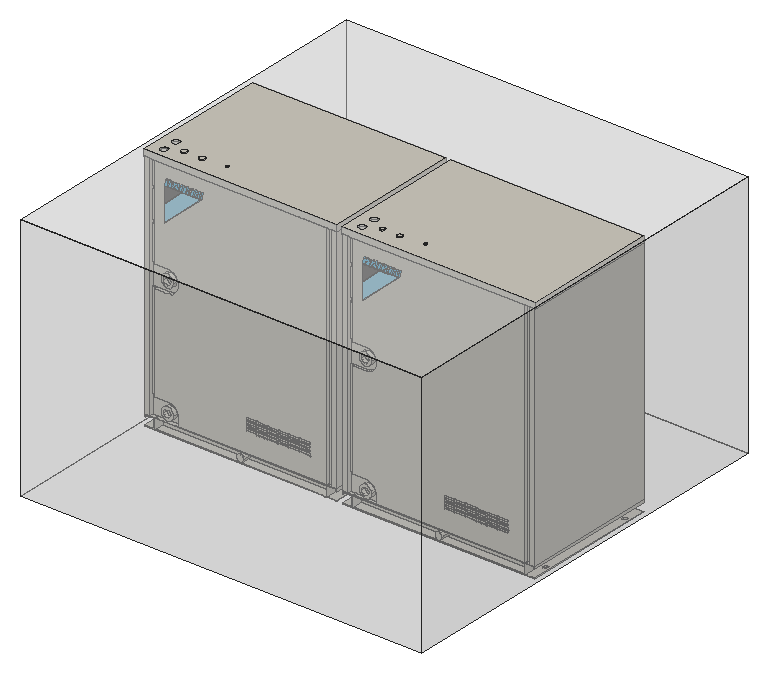
Revit family "outputfile", category 機械設備, Revit 2024 (continued)
Definition of nested family "DAIKIN_outdoorunit_RWEYQ-TY1S"
  Definition of nested family "outdoorunit_downpanel"
    Reference planes
      plane 4 "Back": y = 10
      plane 5 "Front": y = -10
      plane 6: x = 736
      plane 7 "Top": z = 510
      plane 8 "Left": x = 0
      plane 9: z = 255
      plane 10: y = -18
      plane 11: y = 6
      plane 12: y = 8
      plane 13: x = 368
    Forms (mm)
      Extrusion 1, solid, material <- "material"
        sketch origin (0, 0, 0) x (1, 0, 0) y (0, 1, 0)
          loop
            line (0, 10) -> (0, -10) -> (736, -10) -> (736, 10) -> (0, 10)
        from 0 to 510
    Dimensions and locks
      equal spacing: plane 4 "Back", plane 1 "Center (Front/Back)", plane 5 "Front"
      "depth": plane 4 "Back" to plane 5 "Front"
      "width": plane 8 "Left" to plane 6
      "height1": plane 7 "Top" to plane 2 "Bottom"
      plane 4 "Back" to plane 11 = 4.0 mm
      plane 4 "Back" to plane 12 = 2.0 mm
      equal spacing: plane 8 "Left", plane 13, plane 6
      equal spacing: plane 7 "Top", plane 9, plane 2 "Bottom"
      aligned and locked: level to plane 2 "Bottom"
      aligned and locked: plane 8 "Left" to Extrusion 1 sketch curve
      aligned and locked: Extrusion 1 sketch curve to plane 4 "Back"
      aligned and locked: plane 5 "Front" to Extrusion 1 sketch curve
      aligned and locked: Extrusion 1 to plane 2 "Bottom"
      aligned and locked: plane 7 "Top" to Extrusion 1
      aligned and locked: plane 3 to plane 8 "Left"
    Automatic sketch dimensions
      Extrusion 1 sketch curve to plane 6 = 0.0 mm
  Definition of nested family "daikin_mountinghole"
    Parameters (values of type "daikin_mountinghole")
      Default Elevation = 1219.2 mm
      Type Comments = "mountinghole"
      show [instance] = yes
      material = none
      l_centerline = 100.0 mm
      l_antenna [instance] = 100.0 mm
      h_mountinghole [instance] = 0.0 mm
      d_circle = 30.0 mm
      Link_Nested Family [instance] = ""
    Reference planes
      plane 1 "Center (Front/Back)": y = 0
      plane 2: z = 0
      plane 3 "Center (Left/Right)": x = 0
      plane 4: y = 50
      plane 5: x = -50
      plane 6: x = 50
      plane 7: y = -50
      plane 8 "h_mountinghole": z = 0
      plane 9: z = 100
    Lines and regions (mm)
      model lines, detail levels fine
        curve 1: circle (0, 0, 0) r 15 normal (0, 0, 1)
        curve 2: line (-50, 0, 0) -> (50, 0, 0)
        curve 3: line (0, 50, 0) -> (0, -50, 0)
      symbolic lines, detail levels fine
        curve 4: circle (0, 0, 0) r 15 normal (0, 0, 1)
        curve 5: line (-50, 0, 0) -> (50, 0, 0)
        curve 6: line (0, 50, 0) -> (0, -50, 0)
      model lines
        curve 7: line (0, 0, 100) -> (0, 0, 0)
    Dimensions and locks
      equal spacing: plane 4, plane 1 "Center (Front/Back)", plane 7
      "l_centerline": plane 4 to plane 7
      equal spacing: plane 5, plane 3 "Center (Left/Right)", plane 6
      "l_centerline": plane 5 to plane 6
      "l_antenna": plane 9 to plane 8 "h_mountinghole"
      "h_mountinghole": plane 8 "h_mountinghole" to plane 2
      "d_circle": diameter of curve 1
      "d_circle": diameter of curve 4
      aligned and locked: level to plane 2
      aligned and locked: plane 1 "Center (Front/Back)" to curve 1
      aligned and locked: plane 3 "Center (Left/Right)" to curve 1
      aligned and locked: plane 1 "Center (Front/Back)" to curve 2
      aligned and locked: curve 3 to plane 3 "Center (Left/Right)"
      aligned and locked: plane 6 to curve 2
      aligned and locked: plane 5 to curve 2
      aligned and locked: plane 4 to curve 3
      aligned and locked: plane 7 to curve 3
      aligned and locked: plane 1 "Center (Front/Back)" to curve 4
      aligned and locked: plane 3 "Center (Left/Right)" to curve 4
      aligned and locked: plane 6 to curve 5
      aligned and locked: plane 5 to curve 5
      aligned and locked: plane 1 "Center (Front/Back)" to curve 5
      aligned and locked: plane 4 to curve 6
      aligned and locked: plane 7 to curve 6
      aligned and locked: curve 6 to plane 3 "Center (Left/Right)"
      aligned and locked: curve 7 to plane 3 "Center (Left/Right)"
      aligned and locked: plane 9 to curve 7
      aligned and locked: plane 8 "h_mountinghole" to curve 7
Definition of nested family "daikin_clearancespace"
  Parameters (values of type "daikin_clearancespace")
    Description = "daikin_clearancespace"
    width [instance] = 1823.963 mm
    show [instance] = yes
    material = none
    height [instance] = 1359.762 mm
    depth [instance] = 880.0 mm
    Default Elevation = 0.0 mm
    Link_Nested Family [instance] = ""
  Reference planes
    plane 1 "Center (Front/Back)": y = 0
    plane 2 "Center (Elevation)": z = -0.119
    plane 3 "Center (Left/Right)": x = 0
    plane 4: y = 440
    plane 5: y = -440
    plane 6 "Right": x = 911.982
    plane 7 "Left": x = -911.982
    plane 8 "Top": z = 679.762
    plane 9 "Bottom": z = -680
  Forms (mm)
    Extrusion 1, solid, material <- "material", visible <- "show"
      sketch origin (0, 0, 0) x (1, 0, 0) y (0, 1, 0)
        loop
          line (-911.982, 440) -> (-911.982, -440) -> (911.982, -440) -> (911.982, 440) -> (-911.982, 440)
      from -680 to 679.762
  Lines and regions (mm)
    symbolic lines, visible <- "show"
      curve 1: line (911.982, 440, 0) -> (-911.982, 440, 0)
      curve 2: line (-911.982, 440, 0) -> (-911.982, -440, 0)
      curve 3: line (-911.982, -440, 0) -> (911.982, -440, 0)
      curve 4: line (911.982, -440, 0) -> (911.982, 440, 0)
      curve 5: line (911.982, 0, 679.762) -> (-911.982, 0, 679.762)
      curve 6: line (911.982, 0, -680) -> (911.982, 0, 679.762)
      curve 7: line (-911.982, 0, -680) -> (911.982, 0, -680)
      curve 8: line (-911.982, 0, 679.762) -> (-911.982, 0, -680)
      curve 9: line (0, 440, 679.762) -> (0, -440, 679.762)
      curve 10: line (0, -440, 679.762) -> (0, -440, -680)
      curve 11: line (0, 440, -680) -> (0, 440, 679.762)
      curve 12: line (0, -440, -680) -> (0, 440, -680)
  Dimensions and locks
    "width": plane 7 "Left" to plane 6 "Right"
    "depth": plane 4 to plane 5
    "height": plane 8 "Top" to plane 9 "Bottom"
    equal spacing: plane 7 "Left", plane 3 "Center (Left/Right)", plane 6 "Right"
    equal spacing: plane 4, plane 1 "Center (Front/Back)", plane 5
    equal spacing: plane 8 "Top", plane 2 "Center (Elevation)", plane 9 "Bottom"
    aligned and locked: level to plane 2 "Center (Elevation)"
    aligned and locked: Extrusion 1 sketch curve to plane 4
    aligned and locked: plane 7 "Left" to Extrusion 1 sketch curve
    aligned and locked: Extrusion 1 sketch curve to plane 5
    aligned and locked: Extrusion 1 sketch curve to plane 6 "Right"
    aligned and locked: plane 8 "Top" to Extrusion 1
    aligned and locked: curve 1 to Extrusion 1
    aligned and locked: curve 2 to Extrusion 1
    aligned and locked: curve 3 to Extrusion 1
    aligned and locked: curve 4 to Extrusion 1
    aligned and locked: curve 5 to Extrusion 1
    aligned and locked: curve 6 to Extrusion 1
    aligned and locked: curve 7 to Extrusion 1
    aligned and locked: curve 8 to Extrusion 1
    aligned and locked: curve 9 to Extrusion 1
    aligned and locked: curve 10 to Extrusion 1
    aligned and locked: curve 11 to Extrusion 1
    aligned and locked: curve 12 to Extrusion 1
    aligned and locked: Extrusion 1 to plane 9 "Bottom"
Definition of nested family "daikin_logo_elevation_w150"
  Parameters (values of type "daikin_logo_elevation_w150")
    width = 150.0 mm
    show_logo [instance] = yes
    material = none
    height = 180.0 mm
    depth = 5.0 mm
    Default Elevation = 0.0 mm
  Reference planes
    plane 1 "Center (Front/Back)": y = 0
    plane 2: z = 0
    plane 3 "Center (Left/Right)": x = 0
    plane 4 "top": z = 180
    plane 5: z = 155.432
    plane 6 "left": x = -90
    plane 7 "right": x = 60
    plane 8: y = -5
  Forms (mm)
    Extrusion 1, solid, visible <- "show_logo"
      sketch origin (0, 0, 0) x (1, 0, 0) y (0, 0, 1)
        loop
          line (-90, 22.832) -> (54.211, 155.432) -> (-19.804, 155.432) -> (-90, 91.131) -> (-90, 22.832)
      from 0 to 5
    Extrusion 2, solid, visible <- "show_logo"
      sketch origin (0, 0, 0) x (1, 0, 0) y (0, 0, 1)
        loop
          line (-90, 155.432) -> (-90, 91.131) -> (-19.804, 155.432) -> (-90, 155.432)
      from 0 to 5
    Extrusion 3, solid, visible <- "show_logo"
      sketch origin (0, 0, 0) x (1, 0, 0) y (0, 0, 1)
        loop
          line (-73.294, 180) -> (-84.431, 180) -> (-90, 157.726) -> (-73.294, 157.726)
          arc (-73.294, 157.726) -> (-66.673, 159.069) -> (-61.582, 163.51) r 13.209
          arc (-61.582, 163.51) -> (-59.344, 169.288) -> (-60.109, 175.436) r 12.685
          arc (-60.109, 175.436) -> (-61.683, 177.678) -> (-64.031, 179.088) r 6.606
          arc (-64.031, 179.088) -> (-68.629, 179.878) -> (-73.294, 180) r 32.396
        loop
          line (-78.863, 162.18) -> (-74.408, 162.18)
          arc (-74.408, 162.18) -> (-70.986, 164.473) -> (-69.002, 168.082) r 8.708
          arc (-69.002, 168.082) -> (-68.734, 170.84) -> (-69.386, 173.533) r 8.337
          arc (-69.386, 173.533) -> (-70.358, 174.487) -> (-71.624, 174.988) r 3.442
          line (-71.624, 174.988) -> (-76.078, 174.988) -> (-78.863, 162.18)
        loop
          line (-61.043, 157.726) -> (-54.918, 157.726) -> (-52.829, 161.624) -> (-44.059, 161.624) -> (-43.223, 157.726) -> (-33.2, 157.726) -> (-37.655, 180) -> (-48.792, 180) -> (-61.043, 157.726)
        loop
          line (-50.145, 166.635) -> (-45.133, 166.635) -> (-46.565, 173.318) -> (-50.145, 166.635)
        loop
          line (-24.847, 180) -> (-30.416, 157.726) -> (-20.949, 157.726) -> (-15.38, 180) -> (-24.847, 180)
        loop
          line (-15.38, 157.726) -> (-5.914, 157.726) -> (-4.4, 163.779) -> (0.212, 157.726) -> (11.906, 157.726) -> (2.996, 169.42) -> (15.804, 180) -> (5.78, 180) -> (-1.94, 173.623) -> (-0.345, 180) -> (-9.812, 180) -> (-15.38, 157.726)
        loop
          line (20.259, 180) -> (14.133, 157.726) -> (24.157, 157.726) -> (29.725, 180) -> (20.259, 180)
        loop
          line (29.725, 157.726) -> (36.408, 157.726) -> (39.555, 170.315) -> (43.647, 157.726) -> (54.784, 157.726) -> (60.353, 180) -> (53.671, 180) -> (50.281, 166.442) -> (45.874, 180) -> (35.294, 180) -> (29.725, 157.726)
      from 0 to 5
  Dimensions and locks
    "height": plane 4 "top" to plane 2
    locked: plane 4 "top" to plane 5 at 24.568
    "width": plane 6 "left" to plane 7 "right"
    "depth": plane 8 to plane 1 "Center (Front/Back)"
    aligned and locked: level to plane 2
    aligned and locked: plane 4 "top" to Extrusion 3  (x8)
    aligned and locked: plane 5 to Extrusion 1
    aligned and locked: plane 5 to Extrusion 2
    aligned and locked: plane 6 "left" to Extrusion 2
    aligned and locked: plane 6 "left" to Extrusion 1
    aligned and locked: Extrusion 3 to plane 8
    aligned and locked: Extrusion 1 to plane 8
    aligned and locked: Extrusion 2 to plane 8
  Automatic sketch dimensions
    level to Extrusion 1 sketch curve = 22.832 mm
    Extrusion 1 sketch curve to Extrusion 1 sketch curve = 68.298 mm
    Extrusion 1 sketch curve to plane 4 "top" = 24.568 mm
    Extrusion 1 sketch curve to plane 3 "Center (Left/Right)" = 19.804 mm
    Extrusion 2 sketch curve to plane 4 "top" = 24.568 mm
    Extrusion 2 sketch curve to plane 3 "Center (Left/Right)" = 19.804 mm
    Extrusion 2 sketch curve to Extrusion 2 sketch curve = 64.302 mm
    Extrusion 3 sketch curve to plane 4 "top" = 0.0 mm  (x8)
    Extrusion 3 sketch curve to plane 4 "top" = 0.912 mm
    Extrusion 3 sketch curve to Extrusion 3 sketch curve = 2.154 mm
    Extrusion 3 sketch curve to Extrusion 3 sketch curve = 6.245 mm
    Extrusion 3 sketch curve to plane 4 "top" = 4.564 mm
    Extrusion 3 sketch curve to Extrusion 3 sketch curve = 5.748 mm
    Extrusion 3 sketch curve to Extrusion 3 sketch curve = 2.001 mm
    Extrusion 3 sketch curve to Extrusion 3 sketch curve = 4.603 mm
    Extrusion 3 sketch curve to Extrusion 3 sketch curve = 0.59 mm
    Extrusion 3 sketch curve to Extrusion 3 sketch curve = 0.07 mm
    Extrusion 3 sketch curve to Extrusion 3 sketch curve = 1.49 mm
    Extrusion 3 sketch curve to plane 4 "top" = 5.012 mm
    Extrusion 3 sketch curve to Extrusion 3 sketch curve = 3.556 mm
    Extrusion 3 sketch curve to Extrusion 3 sketch curve = 5.569 mm  (x3)
    Extrusion 3 sketch curve to Extrusion 3 sketch curve = 0.309 mm
    Extrusion 3 sketch curve to Extrusion 3 sketch curve = 4.455 mm  (x4)
    Extrusion 3 sketch curve to Extrusion 3 sketch curve = 0.288 mm
    Extrusion 3 sketch curve to Extrusion 3 sketch curve = 0.689 mm
    Extrusion 3 sketch curve to Extrusion 3 sketch curve = 2.238 mm
    Extrusion 3 sketch curve to Extrusion 3 sketch curve = 4.528 mm
    Extrusion 3 sketch curve to Extrusion 3 sketch curve = 0.658 mm
    Extrusion 3 sketch curve to Extrusion 3 sketch curve = 2.931 mm
    Extrusion 3 sketch curve to Extrusion 3 sketch curve = 0.357 mm
    Extrusion 3 sketch curve to Extrusion 3 sketch curve = 0.101 mm
    Extrusion 3 sketch curve to Extrusion 3 sketch curve = 11.317 mm
    Extrusion 3 sketch curve to Extrusion 3 sketch curve = 0.539 mm
    Extrusion 3 sketch curve to Extrusion 3 sketch curve = 11.137 mm  (x2)
    Extrusion 3 sketch curve to Extrusion 3 sketch curve = 5.784 mm
    Extrusion 3 sketch curve to Extrusion 3 sketch curve = 10.024 mm  (x3)
    Extrusion 3 sketch curve to Extrusion 3 sketch curve = 0.835 mm
    Extrusion 3 sketch curve to Extrusion 3 sketch curve = 8.771 mm
    Extrusion 3 sketch curve to Extrusion 3 sketch curve = 2.088 mm
    Extrusion 3 sketch curve to Extrusion 3 sketch curve = 3.898 mm
    Extrusion 3 sketch curve to plane 4 "top" = 6.682 mm
    Extrusion 3 sketch curve to Extrusion 3 sketch curve = 2.227 mm  (x2)
    Extrusion 3 sketch curve to Extrusion 3 sketch curve = 2.685 mm
    Extrusion 3 sketch curve to plane 4 "top" = 13.365 mm
    Extrusion 3 sketch curve to Extrusion 3 sketch curve = 5.012 mm
    Extrusion 3 sketch curve to Extrusion 3 sketch curve = 12.808 mm
    Extrusion 3 sketch curve to Extrusion 3 sketch curve = 2.784 mm
    Extrusion 3 sketch curve to Extrusion 3 sketch curve = 9.467 mm  (x4)
    Extrusion 3 sketch curve to Extrusion 3 sketch curve = 0.0 mm  (x5)
    Extrusion 3 sketch curve to Extrusion 3 sketch curve = 5.568 mm  (x2)
    Extrusion 3 sketch curve to plane 3 "Center (Left/Right)" = 0.345 mm
    Extrusion 3 sketch curve to plane 3 "Center (Left/Right)" = 1.94 mm
    Extrusion 3 sketch curve to plane 4 "top" = 6.377 mm
    plane 3 "Center (Left/Right)" to Extrusion 3 sketch curve = 5.78 mm
    plane 3 "Center (Left/Right)" to Extrusion 3 sketch curve = 2.996 mm
    Extrusion 3 sketch curve to Extrusion 3 sketch curve = 4.203 mm
    plane 3 "Center (Left/Right)" to Extrusion 3 sketch curve = 11.906 mm
    Extrusion 3 sketch curve to Extrusion 3 sketch curve = 11.694 mm
    plane 3 "Center (Left/Right)" to Extrusion 3 sketch curve = 0.212 mm
    Extrusion 3 sketch curve to plane 3 "Center (Left/Right)" = 4.4 mm
    Extrusion 3 sketch curve to Extrusion 3 sketch curve = 6.053 mm
    Extrusion 3 sketch curve to plane 3 "Center (Left/Right)" = 5.914 mm
    Extrusion 3 sketch curve to Extrusion 3 sketch curve = 10.581 mm
    Extrusion 3 sketch curve to plane 4 "top" = 13.558 mm
    Extrusion 3 sketch curve to Extrusion 3 sketch curve = 4.406 mm
    Extrusion 3 sketch curve to Extrusion 3 sketch curve = 7.796 mm
    Extrusion 3 sketch curve to Extrusion 3 sketch curve = 6.682 mm  (x2)
    Extrusion 3 sketch curve to Extrusion 3 sketch curve = 4.503 mm
    Extrusion 3 sketch curve to Extrusion 3 sketch curve = 8.716 mm
    Extrusion 3 sketch curve to Extrusion 3 sketch curve = 6.634 mm
    Extrusion 3 sketch curve to plane 4 "top" = 9.685 mm
    Extrusion 3 sketch curve to Extrusion 3 sketch curve = 4.261 mm
    Extrusion 3 sketch curve to Extrusion 3 sketch curve = 1.67 mm
    Extrusion 3 sketch curve to Extrusion 3 sketch curve = 8.353 mm
    Extrusion 1 sketch curve to plane 3 "Center (Left/Right)" = 90.0 mm
    Extrusion 2 sketch curve to Extrusion 2 sketch curve = 70.196 mm
    plane 3 "Center (Left/Right)" to Extrusion 1 sketch curve = 54.211 mm
Definition of nested family "daikin_mountinghole"
  Parameters (values of type "daikin_mountinghole")
    Default Elevation = 1219.2 mm
    Type Comments = "mountinghole"
    show [instance] = yes
    material = none
    l_centerline = 100.0 mm
    l_antenna [instance] = 100.0 mm
    h_mountinghole [instance] = 0.0 mm
    d_circle = 30.0 mm
    Link_Nested Family [instance] = ""
  Reference planes
    plane 1 "Center (Front/Back)": y = 0
    plane 2: z = 0
    plane 3 "Center (Left/Right)": x = 0
    plane 4: y = 50
    plane 5: x = -50
    plane 6: x = 50
    plane 7: y = -50
    plane 8 "h_mountinghole": z = 0
    plane 9: z = 100
  Lines and regions (mm)
    model lines, detail levels fine
      curve 1: circle (0, 0, 0) r 15 normal (0, 0, 1)
      curve 2: line (-50, 0, 0) -> (50, 0, 0)
      curve 3: line (0, 50, 0) -> (0, -50, 0)
    symbolic lines, detail levels fine
      curve 4: circle (0, 0, 0) r 15 normal (0, 0, 1)
      curve 5: line (-50, 0, 0) -> (50, 0, 0)
      curve 6: line (0, 50, 0) -> (0, -50, 0)
    model lines
      curve 7: line (0, 0, 100) -> (0, 0, 0)
  Dimensions and locks
    equal spacing: plane 4, plane 1 "Center (Front/Back)", plane 7
    "l_centerline": plane 4 to plane 7
    equal spacing: plane 5, plane 3 "Center (Left/Right)", plane 6
    "l_centerline": plane 5 to plane 6
    "l_antenna": plane 9 to plane 8 "h_mountinghole"
    "h_mountinghole": plane 8 "h_mountinghole" to plane 2
    "d_circle": diameter of curve 1
    "d_circle": diameter of curve 4
    aligned and locked: level to plane 2
    aligned and locked: plane 1 "Center (Front/Back)" to curve 1
    aligned and locked: plane 3 "Center (Left/Right)" to curve 1
    aligned and locked: plane 1 "Center (Front/Back)" to curve 2
    aligned and locked: curve 3 to plane 3 "Center (Left/Right)"
    aligned and locked: plane 6 to curve 2
    aligned and locked: plane 5 to curve 2
    aligned and locked: plane 4 to curve 3
    aligned and locked: plane 7 to curve 3
    aligned and locked: plane 1 "Center (Front/Back)" to curve 4
    aligned and locked: plane 3 "Center (Left/Right)" to curve 4
    aligned and locked: plane 6 to curve 5
    aligned and locked: plane 5 to curve 5
    aligned and locked: plane 1 "Center (Front/Back)" to curve 5
    aligned and locked: plane 4 to curve 6
    aligned and locked: plane 7 to curve 6
    aligned and locked: curve 6 to plane 3 "Center (Left/Right)"
    aligned and locked: curve 7 to plane 3 "Center (Left/Right)"
    aligned and locked: plane 9 to curve 7
    aligned and locked: plane 8 "h_mountinghole" to curve 7
Definition of nested family "daikin_connector_rotate3"
  Parameters (values of type "daikin_connector_rotate3")
    show [instance] = yes
    radius [instance] = 10.0 mm
    length [instance] = 600.0 mm
    angle_horizontal [instance] = 60.00°
    angle_vertical [instance] = 90.00°
    Default Elevation = 0.0 mm
  Reference planes
    plane 1 "Center (Front/Back)": y = 0
    plane 2: z = 0
    plane 3 "Center (Left/Right)": x = 0
  Dimensions and locks
    "angle_horizontal": angle plane 3 "Center (Left/Right)" to nested 1
    aligned and locked: level to plane 2
    aligned and locked: plane 1 "Center (Front/Back)" to nested 1  (x2)
    aligned and locked: plane 3 "Center (Left/Right)" to nested 1
  Nested families
    nested 1: "daikin_connector_rotate2" at (0, 0, 0) x (0.5, 0.866, 0) z (0, 0, 1), angle_vertical <- "angle_vertical", length <- "length", radius <- "radius", type "daikin_connector_rotate2"
      with radius 10.0 mm, length 600.0 mm, angle_vertical 90.00°
  Definition of nested family "daikin_connector_rotate2"
    Parameters (values of type "daikin_connector_rotate2")
      show_face = yes
      radius [instance] = 10.0 mm
      length [instance] = 600.0 mm
      d_surface = 10.0 mm
      angle_vertical [instance] = 90.00°
      Default Elevation = 0.0 mm
    Reference planes
      plane 1 "Center (Front/Back)": y = 0
      plane 2: z = 0
      plane 3 "Center (Left/Right)": x = 0
    Forms (mm)
      Extrusion 1, solid, visible <- "show_face"
        sketch origin (0, -600, 0) x (1, 0, 0) y (0, 0, 1)
          loop
            circle (0, 0) r 10
        from 0 to -10
    Lines and regions (mm)
      reference lines
        curve 1: line (0, 0, 0) -> (0, -600, 0)
      symbolic lines
        curve 2: circle (0, 0, 0) r 5 normal (0, 0, 1)
      model lines, visible <- "show_face"
        curve 3: line (0, 0, 0) -> (0, -600, 0)
    Dimensions and locks
      "length": curve 1 to curve 1
      "length": curve 3 to curve 3
      "d_surface": Extrusion 1 to Extrusion 1
      "radius": radius of Extrusion 1 sketch curve
      "angle_vertical": angle curve 1 to plane 1 "Center (Front/Back)"
      "angle_vertical": angle curve 3 to plane 1 "Center (Front/Back)"
      aligned and locked: level to plane 2
      aligned and locked: plane 1 "Center (Front/Back)" to curve 1
      aligned and locked: plane 2 to curve 1
      aligned and locked: plane 1 "Center (Front/Back)" to curve 2
      aligned and locked: plane 3 "Center (Left/Right)" to curve 2
      aligned and locked: plane 1 "Center (Front/Back)" to curve 3
      aligned and locked: plane 2 to curve 3
      aligned and locked: Extrusion 1 to Extrusion 1
    Automatic sketch dimensions
      Extrusion 1 sketch curve to level = 0.0 mm
      Extrusion 1 sketch curve to plane 3 "Center (Left/Right)" = 0.0 mm
      radius of curve 2 = 5.0 mm
